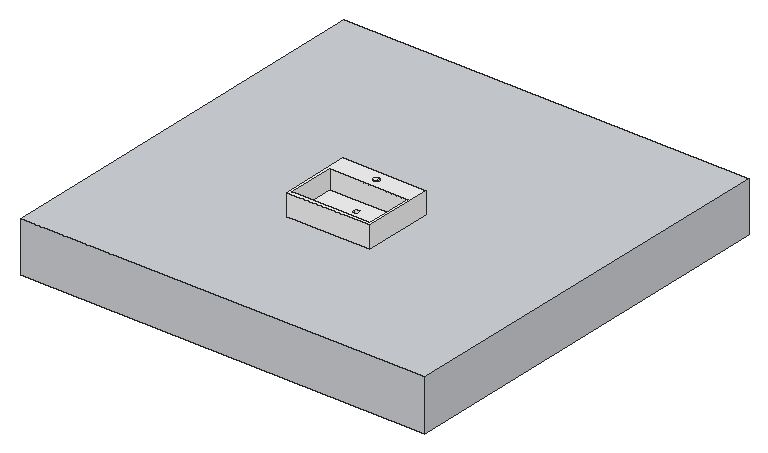
Revit family "IS_Strada_K0778_BIM_BE", category Plumbing Fixtures, host Face, Revit 2015
Parameters (values of type "K077801 - Strada Lavabo 60 cm")
  Wisselstukken = "isaftersalesbelgium@idealstandard.com"
  WaarborgGarantieInstallatie = "n/a"
  Vorm = "rechthoekig"
  Volumeunits = "liter"
  Verwachtelevensduur = "25 jaar"
  Vervangingskosten = 0
  Versie = "1"
  ValutaEenheid = "n/a"
  Urlproducent = "www.idealstandard.be"
  Uniclass2015Version = "Products v1.1"
  Uniclass2015Referentie = "Pr_40_20_96"
  Uniclass2015Beschrijving = "Wash basins, sinks and troughs"
  URL = "www.idealstandard.be"
  Typewastafel = "wastafel"
  Typeconnectie = "Sanitair"
  Type Comments = "n/a"
  Toepassing = "n/a"
  Telefoonnummer = "0032 2 325 66 00"
  Revisie = "n/a"
  Referentie = "n/a"
  Productinformatie = "www.idealstandard.be"
  ProductSoort = "n/a"
  OppervlakteEenheid = "n/a"
  OppervlakteAfmeting = "n/a"
  Ophangingwastafel = "muurbevestiging"
  Normen = "n/a"
  Nettogewicht = 18
  Model = "K077801"
  Merk = "Ideal Standard"
  Materiaal = "fijne vuurklei"
  Manufacturer = "www.idealstandard.be"
  Longueur = 420 mm
  Lengte = 0 mm
  Largeur = 500 mm
  Kwaliteitsgraad = "n/a"
  Kleur = "Wit"
  Installatieinstructies = "www.idealstandard.be"
  IfcExportType = "WASHHANDBASINS"
  IfcExportAs = "IfcSanitaryTerminalType"
  Hulp = "issalesbelgium@idealstandard.com"
  Hoogte = "n/a"
  Hauteur = 130 mm
  GrootteAfvoergat = 0
  GemaaktOp = "n/a"
  Garantieunits = "isaftersalesbelgium@idealstandard.com"
  Garantieonderdelen = "10"
  GarantieduurInstallatie = "n/a"
  Eigenschappen = "Strada wastafel 600mm uit fijne vuurklei. 1 kraangat midden doorgestoken. Bevestiging met 2 bouten."
  Duurzaamheid = "n/a"
  DuurEenheid = "jaar"
  Distributeur = "n/a"
  Dimensions = "420 x 500 x 130 mm"
  Diepte = 0 mm
  Description = "Strada Lavabo 60 cm"
  Default Elevation = 0 mm
  Cost = 0
  BrutoGewicht = 0
  Breedte = 0
  BimObjectNaam = "ISI_IdealStandard_Lavabo_Strada_K077801"
  Bestanddelen = "n/a"
  Beschrijvinggarantie = "Fabrieksgarantie"
  BasinMaterial = IS_RenderMaterial_VitreousChina
  Barrièrevrijwonen = "n/a"
  Barcode = "4015413031387"
  Auteur = "Ideal Standard Produktions-GmbH"
  Artikelreferentie = "n/a"
  Artikelomschrijving = "n/a"
  Artikelnummer = "n/a"
  Afwerking = "Wit"
  AfstandsEenheid = "n/a"
  Afmetingen = "n/a"
  Accesoires = "www.idealstandard.be"
Reference planes
  plane 1 "Center (Front/Back)": y = 0
  plane 2: z = 0
  plane 3 "Center (Left/Right)": x = 0
  plane 4: y = -60
  plane 5: y = -420
  plane 6: z = 130
  plane 7: x = 250
  plane 8: x = -250
Forms (mm)
  Extrusion 1, solid
    sketch origin (0, 0, 0) x (1, 0, 0) y (0, 1, 0)
      loop
        line (-1219.2, 1219.2) -> (-1219.2, -1219.2) -> (1219.2, -1219.2) -> (1219.2, 1219.2) -> (-1219.2, 1219.2)
    from 0 to -304.8
  Extrusion 2, solid, material "IS_RenderMaterial_VitreousChina" <- "BasinMaterial"
    sketch origin (-250, 0, 0) x (1, 0, 0) y (0, 1, 0)
      loop
        line (0, 0) -> (0, -420) -> (500, -420) -> (500, 0) -> (0, 0)
    from 0 to 130
  Extrusion 3, void
    sketch origin (-250, -4572, 130) x (0, -1, 0) y (-1, 0, 0)
      loop
        line (-4452, -15) -> (-4452, -485) -> (-4167, -485) -> (-4167, -15) -> (-4452, -15)
    from 0 to 110
  Extrusion 4, void
    sketch origin (-250, 0, 0) x (1, 0, 0) y (0, 1, 0)
      loop
        circle (250, -210) r 16
    from 0 to 130
  Revolve 5, void
    sketch origin (0, 0, 0) x (0, 1, 0) y (0, 0, 1)
      loop
        line (-233.182, 0) -> (-240.253, 7.071) -> (-257.071, 7.071) -> (-264.142, 0) -> (-233.182, 0)
      axis (-210, 7.071) -> (-210, 0)
    angle from 0 to 360
  Revolve 6, solid, material "IS_RenderMaterial_VitreousChina"
    sketch origin (0, 0, 0) x (0, 1, 0) y (0, 0, 1)
      loop
        line (-60, 130.163) -> (-77.465, 130.163) -> (-77.465, 124.032) -> (-60, 124.032) -> (-60, 130.163)
      axis (-60, 130.163) -> (-60, 124.032)
    angle from 0 to 360
Cuts and joins
  Extrusion 3, Extrusion 4, Revolve 5 cuts Extrusion 2
Dimensions and locks
  "Longueur": plane 1 "Center (Front/Back)" to plane 5
  "Hauteur": plane 6 to level
  "Largeur": plane 7 to plane 8
  aligned and locked: plane 2 to Extrusion 1
  aligned and locked: level to Extrusion 1
  aligned and locked: Revolve 6 sketch curve to plane 4
Automatic sketch dimensions
  Extrusion 1 sketch curve to Extrusion 1 sketch curve = 2438.4 mm  (x2)
  Extrusion 2 sketch curve to plane 5 = 0 mm
  plane 1 "Center (Front/Back)" to Extrusion 2 sketch curve = 0 mm
  Extrusion 2 sketch curve to plane 3 "Center (Left/Right)" = 250 mm
  plane 3 "Center (Left/Right)" to Extrusion 2 sketch curve = 250 mm
  Extrusion 3 sketch curve to plane 4 = 60 mm
  plane 5 to Extrusion 3 sketch curve = 15 mm
  Extrusion 3 sketch curve to plane 3 "Center (Left/Right)" = 235 mm
  plane 3 "Center (Left/Right)" to Extrusion 3 sketch curve = 235 mm
  Extrusion 4 sketch curve to plane 3 "Center (Left/Right)" = 0 mm
  Extrusion 4 sketch curve to plane 4 = 150 mm
  Revolve 5 sketch curve to level = 0 mm
  plane 5 to Revolve 5 sketch curve = 155.858 mm
  Revolve 5 sketch curve to Revolve 5 sketch curve = 7.071 mm  (x2)
  level to Revolve 5 sketch curve = 7.071 mm
  Revolve 5 sketch curve to Revolve 5 sketch curve = 16.818 mm
  Revolve 5 sketch curve to Revolve 5 sketch curve = 23.182 mm
  Revolve 5 sketch curve to level = 20 mm
  level to Revolve 5 sketch curve = 20 mm
  Revolve 6 sketch curve to plane 4 = 0 mm
  Revolve 6 sketch curve to plane 6 = 5.968 mm
  Revolve 6 sketch curve to plane 4 = 17.465 mm
  plane 6 to Revolve 6 sketch curve = 0.163 mm
  Revolve 6 sketch curve to Revolve 6 sketch curve = 1.934 mm
  Revolve 6 sketch curve to Revolve 6 sketch curve = 1.186 mm
  radius of Extrusion 4 sketch curve = 16 mm
Connectors
  piping at (0, -210, 0), diameter 32
    settings: on cut or joined group of Extrusion 2, Extrusion 3, Extrusion 4, Revolve 5, index 1, connector inside diameter 609.6 mm, connector length 0 mm, flow factor 0, pipe flow 0.0 L/s, pressure drop 0.0 Pa, fitting loss kfactor 0, connector angle 0.00°, fixture units 0, engagement length 0 mm, angle of deflection 0.00°, flow configuration 2, flow direction 2, fitting loss method 0, system type 16, joint type 0, gender type 0, connector reference index -1, connector utility 0, adjustable connector no, is connector primary yes, connector description ""
